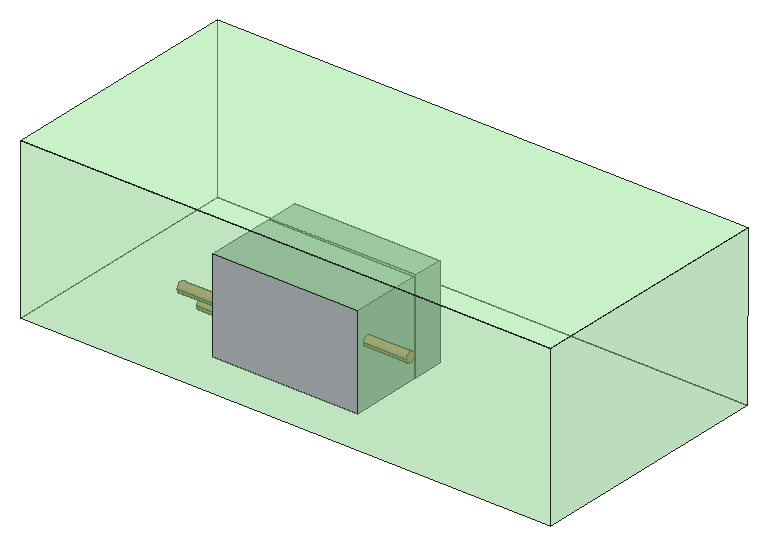
Revit family "BC_Hitachi_CH-Box-6.0-10.0_LOD400", category Equipement de génie climatique, Revit 2016
Family settings
  Type d'élément = Normal
  Cote de connecteur circulaire = Utiliser le diamètre
  Numéro OmniClass = 23.75.50.00
  Titre OmniClass = Energy Treatment
  Basée sur le plan de construction = Non
  Toujours verticalement = Oui
  Couper avec des vides une fois chargée = Non
  Partagée = Non
  Point de calcul de pièce = Non
Parameters (values of type "CH 10.0 N")
  Product Code = "60291931"
  Overall Width = 214 mm
  Overall Height = 301 mm
  Overall Depth = 191 mm
  Number of Poles = "1"
  Nominal Voltage = 240 V
  Modèle = "Indoor unit CH Box CH-N2"
  Mass = 7.00 kg
  Low Pressure Gas Diameter = 20 mm
  High Pressure Gas Diameter = 20 mm
  Frequency = 50 Hz
  Description = "Energy recovery box"
  Operation space = 400 mm
  Operation and service space = yes
  Refrigerant = "R410A"
  Power Supply = 240 V
  Input = 20 W
  Refrigerant Gas pipe Height = 111 mm
  Gas low pressure Height = 40 mm
  Gas High pressure Height = 94 mm
  Fabricant = "HITACHI"
  Electrical Box = 63 mm
  Refrigerant Gas pipe diameter = 20 mm
  Refrigerant Gas pipe distance = 25 mm
  Gas HP distance = 20 mm
  Right connector depth = 96 mm
  Left connector depth = 89 mm
  Commentaires du type = "CH 10.0 N"
  Color = "Neutral white (4.56Y8.85/0.38)"
Types (2, lengths in mm): name | Product Code | Low Pressure Gas Diameter | High Pressure Gas Diameter | Operation space | Refrigerant Gas pipe diameter | Right connector depth | Left connector depth | Commentaires du type
  CH 10.0 N | "60291931" | 20 | 20 | 400 | 20 | 96 | 89 | "CH 10.0 N"
  CH 6.0 N | "60291930" | 18 | 18 | 300 | 18 | 89 | 82 | "CH 6.0 N"
Reference planes
  plane 1 "Centre (avant/arrière)": y = 0
  plane 2: z = 0
  plane 3 "Centre (gauche/droite)": x = 0
  plane 4: x = -150.5
  plane 5: x = 150.5
  plane 6: y = 107
  plane 7: y = -107
  plane 8: x = -239.5
  plane 9: x = 246.5
  plane 10: z = 191
  plane 11 "A": x = -550.5
  plane 12 "B": x = 550.5
  plane 13 "Arrier a": y = 407
  plane 14 "Avant A": y = -107
  plane 15 "L1": z = 261
  plane 16 "L2": z = -70
Forms (mm)
  Extrusion 1, solid, material "Acier"
    sketch origin (0.917, -1.048, 0) x (1, 0, 0) y (0, 1, 0)
      loop
        line (-151.417, 108.048) -> (-151.417, 45.5) -> (149.583, 45.5) -> (149.583, 108.048) -> (-151.417, 108.048)
      loop
        line (-151.417, -105.952) -> (149.583, -105.952) -> (149.583, 40.5) -> (-151.417, 40.5) -> (-151.417, -105.952)
    from 0 to 191
  Extrusion 2, solid, material "Cuivre"
    sketch origin (-149.583, -1.048, 0) x (0, -1, 0) y (0, 0, 1)
      loop
        circle (87, 94) r 10
      loop
        circle (36.5, 40) r 10
    from 0 to 82
  Extrusion 3, solid, material "Cuivre"
    sketch origin (151.417, -1.048, 0) x (0, 1, 0) y (0, 0, 1)
      loop
        circle (-82, 126.272) r 10
    from 0 to 89
  Extrusion 4, solid, material "Operation and service space", visible <- "Operation and service space"
    sketch origin (0, 0, -70) x (-1, 0, 0) y (0, -1, 0)
      loop
        line (550.5, -407) -> (550.5, 107) -> (-550.5, 107) -> (-550.5, -407) -> (550.5, -407)
    from 0 to 331
Lines and regions (mm)
  model lines, style "MechanicalEquipmentHiddenLines", visible <- "Operation and service space"
    curve 1: line (-550.5, 407, -70) -> (550.5, 407, -70)
    curve 2: line (-550.5, -107, -70) -> (-550.5, 407, -70)
    curve 3: line (550.5, -107, -70) -> (-550.5, -107, -70)
    curve 4: line (550.5, 407, -70) -> (550.5, -107, -70)
    curve 5: line (-550.5, 407, 261) -> (550.5, 407, 261)
    curve 6: line (-550.5, -107, 261) -> (-550.5, 407, 261)
    curve 7: line (550.5, -107, 261) -> (-550.5, -107, 261)
    curve 8: line (550.5, 407, 261) -> (550.5, -107, 261)
    curve 9: line (550.5, -107, 261) -> (550.5, -107, -70)
    curve 10: line (-550.5, -107, 261) -> (-550.5, -107, -70)
    curve 11: line (-550.5, 407, 261) -> (-550.5, 407, -70)
    curve 12: line (550.5, 407, 261) -> (550.5, 407, -70)
Dimensions and locks
  equal spacing: plane 4, plane 3 "Centre (gauche/droite)", plane 5
  "Overall Height": plane 4 to plane 5
  equal spacing: plane 7, plane 1 "Centre (avant/arrière)", plane 6
  "Overall Width": plane 6 to plane 7
  "Left connector depth": plane 8 to plane 4
  "Right connector depth": plane 5 to plane 9
  "Overall Depth": plane 10 to plane 2
  "Gas High pressure Height": Extrusion 2 sketch curve to plane 2
  "Gas low pressure Height": Extrusion 2 sketch curve to plane 2
  locked: Extrusion 1 sketch curve to Extrusion 1 sketch curve at 5
  locked: plane 2 to plane 16 "L2" at 70
  locked: plane 15 "L1" to plane 10 at 70
  "Operation space": plane 4 to plane 11 "A"
  "Operation space": plane 12 "B" to plane 5
  locked: plane 13 "Arrier a" to plane 6 at 300
  "High Pressure Gas Diameter": diameter of Extrusion 2 sketch curve
  "Low Pressure Gas Diameter": diameter of Extrusion 2 sketch curve
  "Refrigerant Gas pipe diameter": diameter of Extrusion 3 sketch curve
  aligned and locked: level to plane 2
  aligned and locked: plane 10 to Extrusion 1
  aligned and locked: Extrusion 1 sketch curve to plane 6
  aligned and locked: Extrusion 1 sketch curve to plane 4  (x2)
  aligned and locked: Extrusion 1 sketch curve to plane 5  (x2)
  aligned and locked: Extrusion 1 sketch curve to plane 7
  aligned and locked: curve 1 to plane 13 "Arrier a"
  aligned and locked: plane 11 "A" to curve 2
  aligned and locked: plane 14 "Avant A" to curve 3
  aligned and locked: curve 4 to plane 12 "B"
  aligned and locked: plane 14 "Avant A" to plane 7
  aligned and locked: Extrusion 4 sketch curve to curve 1
  aligned and locked: Extrusion 4 sketch curve to curve 2
  aligned and locked: Extrusion 4 sketch curve to curve 3
  aligned and locked: Extrusion 4 sketch curve to curve 4
  aligned and locked: plane 15 "L1" to Extrusion 4
Automatic sketch dimensions
  Extrusion 1 sketch curve to plane 1 "Centre (avant/arrière)" = 39.452 mm
  curve 7 to plane 12 "B" = 0 mm
  curve 6 to plane 11 "A" = 0 mm
  curve 6 to plane 13 "Arrier a" = 0 mm
  curve 8 to plane 14 "Avant A" = 0 mm
  curve 9 to plane 12 "B" = 0 mm
  curve 10 to plane 11 "A" = 0 mm
  curve 9 to plane 16 "L2" = 0 mm
  curve 10 to plane 16 "L2" = 0 mm
  curve 10 to plane 15 "L1" = 0 mm
  curve 9 to plane 15 "L1" = 0 mm
  curve 12 to plane 12 "B" = 0 mm
  curve 11 to plane 11 "A" = 0 mm
  curve 11 to plane 16 "L2" = 0 mm
  curve 12 to plane 16 "L2" = 0 mm
  curve 12 to plane 15 "L1" = 0 mm
  curve 11 to plane 15 "L1" = 0 mm
  plane 1 "Centre (avant/arrière)" to Extrusion 2 sketch curve = 37.548 mm
  Extrusion 2 sketch curve to plane 7 = 18.952 mm
  Extrusion 3 sketch curve to plane 7 = 23.952 mm
  Extrusion 3 sketch curve to plane 10 = 64.728 mm
Connectors
  piping at (-231.583, -88.048, 94), diameter 20, driven by "Low Pressure Gas Diameter"
    settings: on Extrusion 2, index 5, connector inside diameter 609.6 mm, connector length 0 mm, flow factor 0, pipe flow 0.0 L/s, pressure drop 0.0 Pa, fitting loss kfactor 0, connector angle 0.00°, fixture units 0, engagement length 0 mm, angle of deflection 0.00°, flow configuration 0, flow direction 0, fitting loss method 0, system type 29, joint type 0, gender type 0, connector reference index -1, connector utility 0, adjustable connector no, is connector primary yes, connector description ""
  piping at (-231.583, -37.548, 40), diameter 20, driven by "Low Pressure Gas Diameter"
    settings: on Extrusion 2, index 6, connector inside diameter 609.6 mm, connector length 0 mm, flow factor 0, pipe flow 0.0 L/s, pressure drop 0.0 Pa, fitting loss kfactor 0, connector angle 0.00°, fixture units 0, engagement length 0 mm, angle of deflection 0.00°, flow configuration 0, flow direction 0, fitting loss method 0, system type 29, joint type 0, gender type 0, connector reference index -1, connector utility 0, adjustable connector no, is connector primary no, connector description ""
  piping at (240.417, -83.048, 126.272), diameter 20, driven by "Refrigerant Gas pipe diameter"
    settings: on Extrusion 3, index 7, connector inside diameter 609.6 mm, connector length 0 mm, flow factor 0, pipe flow 0.0 L/s, pressure drop 0.0 Pa, fitting loss kfactor 0, connector angle 0.00°, fixture units 0, engagement length 0 mm, angle of deflection 0.00°, flow configuration 0, flow direction 0, fitting loss method 0, system type 29, joint type 0, gender type 0, connector reference index -1, connector utility 0, adjustable connector no, is connector primary no, connector description ""
  electrical at (0, 75.726, 191), driven by "Power Supply"
    settings: on Extrusion 1, index 8, voltage 240 V, apparent load 0 VA, apparent load phase1 0 VA, apparent load phase2 0 VA, apparent load phase3 0 VA, power factor 1, load classification "Autre", number of poles 1, system type 31, power factor state 1, is connector primary yes, connector utility no, sub classification motor no, connector description ""
